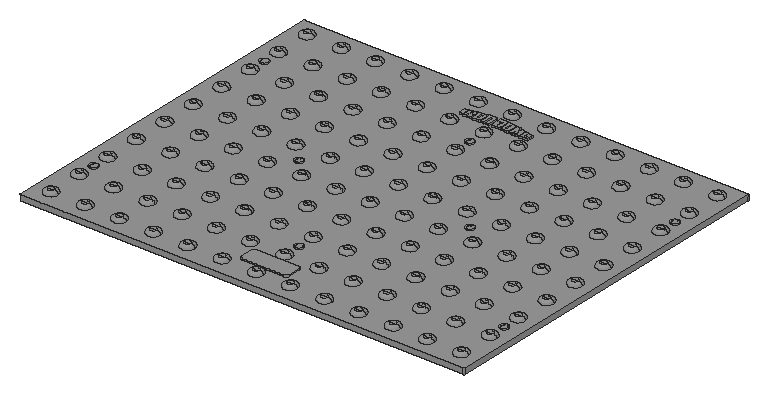
Revit family "Detectable-Warning-Surfaces_Cast-Iron-Dome-24x30_ADA-Solutions", category Generic Models, host Floor, Revit 2026 (continued)
Forms (in)
  Revolve 149, solid, material "ADA White" <- "Color"
    sketch origin (12.70371, 8.40233, -4.79798) x (1, 0, 0) y (0, 0, 1)
      loop
        line (1.14124, 5.37478) -> (0.89322, 5.37478)
        arc (0.89322, 5.37478) -> (0.75575, 5.31212) -> (0.68625, 5.17798) r 0.23136
        line (0.68625, 5.17798) -> (1.14124, 5.17798) -> (1.14124, 5.37478)
      axis (1.14124, 5.37478) -> (1.14124, 5.17798)
    angle from 0 to 360
  Revolve 150, solid, material "ADA White" <- "Color"
    sketch origin (10.39602, 8.40233, -4.79798) x (1, 0, 0) y (0, 0, 1)
      loop
        line (1.14124, 5.37478) -> (0.89322, 5.37478)
        arc (0.89322, 5.37478) -> (0.75575, 5.31212) -> (0.68625, 5.17798) r 0.23136
        line (0.68625, 5.17798) -> (1.14124, 5.17798) -> (1.14124, 5.37478)
      axis (1.14124, 5.37478) -> (1.14124, 5.17798)
    angle from 0 to 360
  Revolve 151, solid, material "ADA White" <- "Color"
    sketch origin (8.08832, 8.40233, -4.79798) x (1, 0, 0) y (0, 0, 1)
      loop
        line (1.14124, 5.37478) -> (0.89322, 5.37478)
        arc (0.89322, 5.37478) -> (0.75575, 5.31212) -> (0.68625, 5.17798) r 0.23136
        line (0.68625, 5.17798) -> (1.14124, 5.17798) -> (1.14124, 5.37478)
      axis (1.14124, 5.37478) -> (1.14124, 5.17798)
    angle from 0 to 360
  Revolve 152, solid, material "ADA White" <- "Color"
    sketch origin (5.78063, 8.40233, -4.79798) x (1, 0, 0) y (0, 0, 1)
      loop
        line (1.14124, 5.37478) -> (0.89322, 5.37478)
        arc (0.89322, 5.37478) -> (0.75575, 5.31212) -> (0.68625, 5.17798) r 0.23136
        line (0.68625, 5.17798) -> (1.14124, 5.17798) -> (1.14124, 5.37478)
      axis (1.14124, 5.37478) -> (1.14124, 5.17798)
    angle from 0 to 360
  Revolve 153, solid, material "ADA White" <- "Color"
    sketch origin (3.47294, 8.40233, -4.79798) x (1, 0, 0) y (0, 0, 1)
      loop
        line (1.14124, 5.37478) -> (0.89322, 5.37478)
        arc (0.89322, 5.37478) -> (0.75575, 5.31212) -> (0.68625, 5.17798) r 0.23136
        line (0.68625, 5.17798) -> (1.14124, 5.17798) -> (1.14124, 5.37478)
      axis (1.14124, 5.37478) -> (1.14124, 5.17798)
    angle from 0 to 360
  Revolve 154, solid, material "ADA White" <- "Color"
    sketch origin (1.16525, 8.40233, -4.79798) x (1, 0, 0) y (0, 0, 1)
      loop
        line (1.14124, 5.37478) -> (0.89322, 5.37478)
        arc (0.89322, 5.37478) -> (0.75575, 5.31212) -> (0.68625, 5.17798) r 0.23136
        line (0.68625, 5.17798) -> (1.14124, 5.17798) -> (1.14124, 5.37478)
      axis (1.14124, 5.37478) -> (1.14124, 5.17798)
    angle from 0 to 360
  Revolve 155, solid, material "ADA White" <- "Color"
    sketch origin (-1.14244, 8.40233, -4.79798) x (1, 0, 0) y (0, 0, 1)
      loop
        line (1.14124, 5.37478) -> (0.89322, 5.37478)
        arc (0.89322, 5.37478) -> (0.75575, 5.31212) -> (0.68625, 5.17798) r 0.23136
        line (0.68625, 5.17798) -> (1.14124, 5.17798) -> (1.14124, 5.37478)
      axis (1.14124, 5.37478) -> (1.14124, 5.17798)
    angle from 0 to 360
  Revolve 156, solid, material "ADA White" <- "Color"
    sketch origin (-3.45014, 8.40233, -4.79798) x (1, 0, 0) y (0, 0, 1)
      loop
        line (1.14124, 5.37478) -> (0.89322, 5.37478)
        arc (0.89322, 5.37478) -> (0.75575, 5.31212) -> (0.68625, 5.17798) r 0.23136
        line (0.68625, 5.17798) -> (1.14124, 5.17798) -> (1.14124, 5.37478)
      axis (1.14124, 5.37478) -> (1.14124, 5.17798)
    angle from 0 to 360
  Revolve 157, solid, material "ADA White" <- "Color"
    sketch origin (-5.75783, 8.40233, -4.79798) x (1, 0, 0) y (0, 0, 1)
      loop
        line (1.14124, 5.37478) -> (0.89322, 5.37478)
        arc (0.89322, 5.37478) -> (0.75575, 5.31212) -> (0.68625, 5.17798) r 0.23136
        line (0.68625, 5.17798) -> (1.14124, 5.17798) -> (1.14124, 5.37478)
      axis (1.14124, 5.37478) -> (1.14124, 5.17798)
    angle from 0 to 360
  Revolve 158, solid, material "ADA White" <- "Color"
    sketch origin (-8.06552, 8.40233, -4.79798) x (1, 0, 0) y (0, 0, 1)
      loop
        line (1.14124, 5.37478) -> (0.89322, 5.37478)
        arc (0.89322, 5.37478) -> (0.75575, 5.31212) -> (0.68625, 5.17798) r 0.23136
        line (0.68625, 5.17798) -> (1.14124, 5.17798) -> (1.14124, 5.37478)
      axis (1.14124, 5.37478) -> (1.14124, 5.17798)
    angle from 0 to 360
  Revolve 159, solid, material "ADA White" <- "Color"
    sketch origin (-10.37321, 8.40233, -4.79798) x (1, 0, 0) y (0, 0, 1)
      loop
        line (1.14124, 5.37478) -> (0.89322, 5.37478)
        arc (0.89322, 5.37478) -> (0.75575, 5.31212) -> (0.68625, 5.17798) r 0.23136
        line (0.68625, 5.17798) -> (1.14124, 5.17798) -> (1.14124, 5.37478)
      axis (1.14124, 5.37478) -> (1.14124, 5.17798)
    angle from 0 to 360
  Revolve 160, solid, material "ADA White" <- "Color"
    sketch origin (-12.68091, 8.40233, -4.79798) x (1, 0, 0) y (0, 0, 1)
      loop
        line (1.14124, 5.37478) -> (0.89322, 5.37478)
        arc (0.89322, 5.37478) -> (0.75575, 5.31212) -> (0.68625, 5.17798) r 0.23136
        line (0.68625, 5.17798) -> (1.14124, 5.17798) -> (1.14124, 5.37478)
      axis (1.14124, 5.37478) -> (1.14124, 5.17798)
    angle from 0 to 360
  Revolve 161, solid, material "ADA White" <- "Color"
    sketch origin (-14.9886, 8.40233, -4.79798) x (1, 0, 0) y (0, 0, 1)
      loop
        line (1.14124, 5.37478) -> (0.89322, 5.37478)
        arc (0.89322, 5.37478) -> (0.75575, 5.31212) -> (0.68625, 5.17798) r 0.23136
        line (0.68625, 5.17798) -> (1.14124, 5.17798) -> (1.14124, 5.37478)
      axis (1.14124, 5.37478) -> (1.14124, 5.17798)
    angle from 0 to 360
  Revolve 162, solid, material "ADA White" <- "Color"
    sketch origin (12.70371, 6.00233, -4.79798) x (1, 0, 0) y (0, 0, 1)
      loop
        line (1.14124, 5.37478) -> (0.89322, 5.37478)
        arc (0.89322, 5.37478) -> (0.75575, 5.31212) -> (0.68625, 5.17798) r 0.23136
        line (0.68625, 5.17798) -> (1.14124, 5.17798) -> (1.14124, 5.37478)
      axis (1.14124, 5.37478) -> (1.14124, 5.17798)
    angle from 0 to 360
  Revolve 163, solid, material "ADA White" <- "Color"
    sketch origin (10.39602, 6.00233, -4.79798) x (1, 0, 0) y (0, 0, 1)
      loop
        line (1.14124, 5.37478) -> (0.89322, 5.37478)
        arc (0.89322, 5.37478) -> (0.75575, 5.31212) -> (0.68625, 5.17798) r 0.23136
        line (0.68625, 5.17798) -> (1.14124, 5.17798) -> (1.14124, 5.37478)
      axis (1.14124, 5.37478) -> (1.14124, 5.17798)
    angle from 0 to 360
  Revolve 164, solid, material "ADA White" <- "Color"
    sketch origin (8.08832, 6.00233, -4.79798) x (1, 0, 0) y (0, 0, 1)
      loop
        line (1.14124, 5.37478) -> (0.89322, 5.37478)
        arc (0.89322, 5.37478) -> (0.75575, 5.31212) -> (0.68625, 5.17798) r 0.23136
        line (0.68625, 5.17798) -> (1.14124, 5.17798) -> (1.14124, 5.37478)
      axis (1.14124, 5.37478) -> (1.14124, 5.17798)
    angle from 0 to 360
  Revolve 165, solid, material "ADA White" <- "Color"
    sketch origin (5.78063, 6.00233, -4.79798) x (1, 0, 0) y (0, 0, 1)
      loop
        line (1.14124, 5.37478) -> (0.89322, 5.37478)
        arc (0.89322, 5.37478) -> (0.75575, 5.31212) -> (0.68625, 5.17798) r 0.23136
        line (0.68625, 5.17798) -> (1.14124, 5.17798) -> (1.14124, 5.37478)
      axis (1.14124, 5.37478) -> (1.14124, 5.17798)
    angle from 0 to 360
  Revolve 166, solid, material "ADA White" <- "Color"
    sketch origin (3.47294, 6.00233, -4.79798) x (1, 0, 0) y (0, 0, 1)
      loop
        line (1.14124, 5.37478) -> (0.89322, 5.37478)
        arc (0.89322, 5.37478) -> (0.75575, 5.31212) -> (0.68625, 5.17798) r 0.23136
        line (0.68625, 5.17798) -> (1.14124, 5.17798) -> (1.14124, 5.37478)
      axis (1.14124, 5.37478) -> (1.14124, 5.17798)
    angle from 0 to 360
  Revolve 167, solid, material "ADA White" <- "Color"
    sketch origin (1.16525, 6.00233, -4.79798) x (1, 0, 0) y (0, 0, 1)
      loop
        line (1.14124, 5.37478) -> (0.89322, 5.37478)
        arc (0.89322, 5.37478) -> (0.75575, 5.31212) -> (0.68625, 5.17798) r 0.23136
        line (0.68625, 5.17798) -> (1.14124, 5.17798) -> (1.14124, 5.37478)
      axis (1.14124, 5.37478) -> (1.14124, 5.17798)
    angle from 0 to 360
  Revolve 168, solid, material "ADA White" <- "Color"
    sketch origin (-1.14244, 6.00233, -4.79798) x (1, 0, 0) y (0, 0, 1)
      loop
        line (1.14124, 5.37478) -> (0.89322, 5.37478)
        arc (0.89322, 5.37478) -> (0.75575, 5.31212) -> (0.68625, 5.17798) r 0.23136
        line (0.68625, 5.17798) -> (1.14124, 5.17798) -> (1.14124, 5.37478)
      axis (1.14124, 5.37478) -> (1.14124, 5.17798)
    angle from 0 to 360
  Revolve 169, solid, material "ADA White" <- "Color"
    sketch origin (-3.45014, 6.00233, -4.79798) x (1, 0, 0) y (0, 0, 1)
      loop
        line (1.14124, 5.37478) -> (0.89322, 5.37478)
        arc (0.89322, 5.37478) -> (0.75575, 5.31212) -> (0.68625, 5.17798) r 0.23136
        line (0.68625, 5.17798) -> (1.14124, 5.17798) -> (1.14124, 5.37478)
      axis (1.14124, 5.37478) -> (1.14124, 5.17798)
    angle from 0 to 360
  Revolve 170, solid, material "ADA White" <- "Color"
    sketch origin (-5.75783, 6.00233, -4.79798) x (1, 0, 0) y (0, 0, 1)
      loop
        line (1.14124, 5.37478) -> (0.89322, 5.37478)
        arc (0.89322, 5.37478) -> (0.75575, 5.31212) -> (0.68625, 5.17798) r 0.23136
        line (0.68625, 5.17798) -> (1.14124, 5.17798) -> (1.14124, 5.37478)
      axis (1.14124, 5.37478) -> (1.14124, 5.17798)
    angle from 0 to 360
  Revolve 171, solid, material "ADA White" <- "Color"
    sketch origin (-8.06552, 6.00233, -4.79798) x (1, 0, 0) y (0, 0, 1)
      loop
        line (1.14124, 5.37478) -> (0.89322, 5.37478)
        arc (0.89322, 5.37478) -> (0.75575, 5.31212) -> (0.68625, 5.17798) r 0.23136
        line (0.68625, 5.17798) -> (1.14124, 5.17798) -> (1.14124, 5.37478)
      axis (1.14124, 5.37478) -> (1.14124, 5.17798)
    angle from 0 to 360
  Revolve 172, solid, material "ADA White" <- "Color"
    sketch origin (-10.37321, 6.00233, -4.79798) x (1, 0, 0) y (0, 0, 1)
      loop
        line (1.14124, 5.37478) -> (0.89322, 5.37478)
        arc (0.89322, 5.37478) -> (0.75575, 5.31212) -> (0.68625, 5.17798) r 0.23136
        line (0.68625, 5.17798) -> (1.14124, 5.17798) -> (1.14124, 5.37478)
      axis (1.14124, 5.37478) -> (1.14124, 5.17798)
    angle from 0 to 360
  Revolve 173, solid, material "ADA White" <- "Color"
    sketch origin (-12.68091, 6.00233, -4.79798) x (1, 0, 0) y (0, 0, 1)
      loop
        line (1.14124, 5.37478) -> (0.89322, 5.37478)
        arc (0.89322, 5.37478) -> (0.75575, 5.31212) -> (0.68625, 5.17798) r 0.23136
        line (0.68625, 5.17798) -> (1.14124, 5.17798) -> (1.14124, 5.37478)
      axis (1.14124, 5.37478) -> (1.14124, 5.17798)
    angle from 0 to 360
  Revolve 174, solid, material "ADA White" <- "Color"
    sketch origin (-14.9886, 6.00233, -4.79798) x (1, 0, 0) y (0, 0, 1)
      loop
        line (1.14124, 5.37478) -> (0.89322, 5.37478)
        arc (0.89322, 5.37478) -> (0.75575, 5.31212) -> (0.68625, 5.17798) r 0.23136
        line (0.68625, 5.17798) -> (1.14124, 5.17798) -> (1.14124, 5.37478)
      axis (1.14124, 5.37478) -> (1.14124, 5.17798)
    angle from 0 to 360
  Revolve 175, solid, material "ADA White" <- "Color"
    sketch origin (12.70371, 3.60233, -4.79798) x (1, 0, 0) y (0, 0, 1)
      loop
        line (1.14124, 5.37478) -> (0.89322, 5.37478)
        arc (0.89322, 5.37478) -> (0.75575, 5.31212) -> (0.68625, 5.17798) r 0.23136
        line (0.68625, 5.17798) -> (1.14124, 5.17798) -> (1.14124, 5.37478)
      axis (1.14124, 5.37478) -> (1.14124, 5.17798)
    angle from 0 to 360
  Revolve 176, solid, material "ADA White" <- "Color"
    sketch origin (10.39602, 3.60233, -4.79798) x (1, 0, 0) y (0, 0, 1)
      loop
        line (1.14124, 5.37478) -> (0.89322, 5.37478)
        arc (0.89322, 5.37478) -> (0.75575, 5.31212) -> (0.68625, 5.17798) r 0.23136
        line (0.68625, 5.17798) -> (1.14124, 5.17798) -> (1.14124, 5.37478)
      axis (1.14124, 5.37478) -> (1.14124, 5.17798)
    angle from 0 to 360
  Revolve 177, solid, material "ADA White" <- "Color"
    sketch origin (8.08832, 3.60233, -4.79798) x (1, 0, 0) y (0, 0, 1)
      loop
        line (1.14124, 5.37478) -> (0.89322, 5.37478)
        arc (0.89322, 5.37478) -> (0.75575, 5.31212) -> (0.68625, 5.17798) r 0.23136
        line (0.68625, 5.17798) -> (1.14124, 5.17798) -> (1.14124, 5.37478)
      axis (1.14124, 5.37478) -> (1.14124, 5.17798)
    angle from 0 to 360
  Revolve 178, solid, material "ADA White" <- "Color"
    sketch origin (5.78063, 3.60233, -4.79798) x (1, 0, 0) y (0, 0, 1)
      loop
        line (1.14124, 5.37478) -> (0.89322, 5.37478)
        arc (0.89322, 5.37478) -> (0.75575, 5.31212) -> (0.68625, 5.17798) r 0.23136
        line (0.68625, 5.17798) -> (1.14124, 5.17798) -> (1.14124, 5.37478)
      axis (1.14124, 5.37478) -> (1.14124, 5.17798)
    angle from 0 to 360
  Revolve 179, solid, material "ADA White" <- "Color"
    sketch origin (3.47294, 3.60233, -4.79798) x (1, 0, 0) y (0, 0, 1)
      loop
        line (1.14124, 5.37478) -> (0.89322, 5.37478)
        arc (0.89322, 5.37478) -> (0.75575, 5.31212) -> (0.68625, 5.17798) r 0.23136
        line (0.68625, 5.17798) -> (1.14124, 5.17798) -> (1.14124, 5.37478)
      axis (1.14124, 5.37478) -> (1.14124, 5.17798)
    angle from 0 to 360
  Revolve 180, solid, material "ADA White" <- "Color"
    sketch origin (1.16525, 3.60233, -4.79798) x (1, 0, 0) y (0, 0, 1)
      loop
        line (1.14124, 5.37478) -> (0.89322, 5.37478)
        arc (0.89322, 5.37478) -> (0.75575, 5.31212) -> (0.68625, 5.17798) r 0.23136
        line (0.68625, 5.17798) -> (1.14124, 5.17798) -> (1.14124, 5.37478)
      axis (1.14124, 5.37478) -> (1.14124, 5.17798)
    angle from 0 to 360
  Revolve 181, solid, material "ADA White" <- "Color"
    sketch origin (-1.14244, 3.60233, -4.79798) x (1, 0, 0) y (0, 0, 1)
      loop
        line (1.14124, 5.37478) -> (0.89322, 5.37478)
        arc (0.89322, 5.37478) -> (0.75575, 5.31212) -> (0.68625, 5.17798) r 0.23136
        line (0.68625, 5.17798) -> (1.14124, 5.17798) -> (1.14124, 5.37478)
      axis (1.14124, 5.37478) -> (1.14124, 5.17798)
    angle from 0 to 360
  Revolve 182, solid, material "ADA White" <- "Color"
    sketch origin (-3.45014, 3.60233, -4.79798) x (1, 0, 0) y (0, 0, 1)
      loop
        line (1.14124, 5.37478) -> (0.89322, 5.37478)
        arc (0.89322, 5.37478) -> (0.75575, 5.31212) -> (0.68625, 5.17798) r 0.23136
        line (0.68625, 5.17798) -> (1.14124, 5.17798) -> (1.14124, 5.37478)
      axis (1.14124, 5.37478) -> (1.14124, 5.17798)
    angle from 0 to 360
  Revolve 183, solid, material "ADA White" <- "Color"
    sketch origin (-5.75783, 3.60233, -4.79798) x (1, 0, 0) y (0, 0, 1)
      loop
        line (1.14124, 5.37478) -> (0.89322, 5.37478)
        arc (0.89322, 5.37478) -> (0.75575, 5.31212) -> (0.68625, 5.17798) r 0.23136
        line (0.68625, 5.17798) -> (1.14124, 5.17798) -> (1.14124, 5.37478)
      axis (1.14124, 5.37478) -> (1.14124, 5.17798)
    angle from 0 to 360
  Revolve 184, solid, material "ADA White" <- "Color"
    sketch origin (-8.06552, 3.60233, -4.79798) x (1, 0, 0) y (0, 0, 1)
      loop
        line (1.14124, 5.37478) -> (0.89322, 5.37478)
        arc (0.89322, 5.37478) -> (0.75575, 5.31212) -> (0.68625, 5.17798) r 0.23136
        line (0.68625, 5.17798) -> (1.14124, 5.17798) -> (1.14124, 5.37478)
      axis (1.14124, 5.37478) -> (1.14124, 5.17798)
    angle from 0 to 360
  Revolve 185, solid, material "ADA White" <- "Color"
    sketch origin (-10.37321, 3.60233, -4.79798) x (1, 0, 0) y (0, 0, 1)
      loop
        line (1.14124, 5.37478) -> (0.89322, 5.37478)
        arc (0.89322, 5.37478) -> (0.75575, 5.31212) -> (0.68625, 5.17798) r 0.23136
        line (0.68625, 5.17798) -> (1.14124, 5.17798) -> (1.14124, 5.37478)
      axis (1.14124, 5.37478) -> (1.14124, 5.17798)
    angle from 0 to 360
  Revolve 186, solid, material "ADA White" <- "Color"
    sketch origin (-12.68091, 3.60233, -4.79798) x (1, 0, 0) y (0, 0, 1)
      loop
        line (1.14124, 5.37478) -> (0.89322, 5.37478)
        arc (0.89322, 5.37478) -> (0.75575, 5.31212) -> (0.68625, 5.17798) r 0.23136
        line (0.68625, 5.17798) -> (1.14124, 5.17798) -> (1.14124, 5.37478)
      axis (1.14124, 5.37478) -> (1.14124, 5.17798)
    angle from 0 to 360
  Revolve 187, solid, material "ADA White" <- "Color"
    sketch origin (-14.9886, 3.60233, -4.79798) x (1, 0, 0) y (0, 0, 1)
      loop
        line (1.14124, 5.37478) -> (0.89322, 5.37478)
        arc (0.89322, 5.37478) -> (0.75575, 5.31212) -> (0.68625, 5.17798) r 0.23136
        line (0.68625, 5.17798) -> (1.14124, 5.17798) -> (1.14124, 5.37478)
      axis (1.14124, 5.37478) -> (1.14124, 5.17798)
    angle from 0 to 360
  Revolve 188, solid, material "ADA White" <- "Color"
    sketch origin (12.70371, 1.20233, -4.79798) x (1, 0, 0) y (0, 0, 1)
      loop
        line (1.14124, 5.37478) -> (0.89322, 5.37478)
        arc (0.89322, 5.37478) -> (0.75575, 5.31212) -> (0.68625, 5.17798) r 0.23136
        line (0.68625, 5.17798) -> (1.14124, 5.17798) -> (1.14124, 5.37478)
      axis (1.14124, 5.37478) -> (1.14124, 5.17798)
    angle from 0 to 360
  Revolve 189, solid, material "ADA White" <- "Color"
    sketch origin (10.39602, 1.20233, -4.79798) x (1, 0, 0) y (0, 0, 1)
      loop
        line (1.14124, 5.37478) -> (0.89322, 5.37478)
        arc (0.89322, 5.37478) -> (0.75575, 5.31212) -> (0.68625, 5.17798) r 0.23136
        line (0.68625, 5.17798) -> (1.14124, 5.17798) -> (1.14124, 5.37478)
      axis (1.14124, 5.37478) -> (1.14124, 5.17798)
    angle from 0 to 360
  Revolve 190, solid, material "ADA White" <- "Color"
    sketch origin (8.08832, 1.20233, -4.79798) x (1, 0, 0) y (0, 0, 1)
      loop
        line (1.14124, 5.37478) -> (0.89322, 5.37478)
        arc (0.89322, 5.37478) -> (0.75575, 5.31212) -> (0.68625, 5.17798) r 0.23136
        line (0.68625, 5.17798) -> (1.14124, 5.17798) -> (1.14124, 5.37478)
      axis (1.14124, 5.37478) -> (1.14124, 5.17798)
    angle from 0 to 360
  Revolve 191, solid, material "ADA White" <- "Color"
    sketch origin (5.78063, 1.20233, -4.79798) x (1, 0, 0) y (0, 0, 1)
      loop
        line (1.14124, 5.37478) -> (0.89322, 5.37478)
        arc (0.89322, 5.37478) -> (0.75575, 5.31212) -> (0.68625, 5.17798) r 0.23136
        line (0.68625, 5.17798) -> (1.14124, 5.17798) -> (1.14124, 5.37478)
      axis (1.14124, 5.37478) -> (1.14124, 5.17798)
    angle from 0 to 360
  Revolve 192, solid, material "ADA White" <- "Color"
    sketch origin (3.47294, 1.20233, -4.79798) x (1, 0, 0) y (0, 0, 1)
      loop
        line (1.14124, 5.37478) -> (0.89322, 5.37478)
        arc (0.89322, 5.37478) -> (0.75575, 5.31212) -> (0.68625, 5.17798) r 0.23136
        line (0.68625, 5.17798) -> (1.14124, 5.17798) -> (1.14124, 5.37478)
      axis (1.14124, 5.37478) -> (1.14124, 5.17798)
    angle from 0 to 360
  Revolve 193, solid, material "ADA White" <- "Color"
    sketch origin (1.16525, 1.20233, -4.79798) x (1, 0, 0) y (0, 0, 1)
      loop
        line (1.14124, 5.37478) -> (0.89322, 5.37478)
        arc (0.89322, 5.37478) -> (0.75575, 5.31212) -> (0.68625, 5.17798) r 0.23136
        line (0.68625, 5.17798) -> (1.14124, 5.17798) -> (1.14124, 5.37478)
      axis (1.14124, 5.37478) -> (1.14124, 5.17798)
    angle from 0 to 360
  Revolve 194, solid, material "ADA White" <- "Color"
    sketch origin (-1.14244, 1.20233, -4.79798) x (1, 0, 0) y (0, 0, 1)
      loop
        line (1.14124, 5.37478) -> (0.89322, 5.37478)
        arc (0.89322, 5.37478) -> (0.75575, 5.31212) -> (0.68625, 5.17798) r 0.23136
        line (0.68625, 5.17798) -> (1.14124, 5.17798) -> (1.14124, 5.37478)
      axis (1.14124, 5.37478) -> (1.14124, 5.17798)
    angle from 0 to 360
  Revolve 195, solid, material "ADA White" <- "Color"
    sketch origin (-3.45014, 1.20233, -4.79798) x (1, 0, 0) y (0, 0, 1)
      loop
        line (1.14124, 5.37478) -> (0.89322, 5.37478)
        arc (0.89322, 5.37478) -> (0.75575, 5.31212) -> (0.68625, 5.17798) r 0.23136
        line (0.68625, 5.17798) -> (1.14124, 5.17798) -> (1.14124, 5.37478)
      axis (1.14124, 5.37478) -> (1.14124, 5.17798)
    angle from 0 to 360
  Revolve 196, solid, material "ADA White" <- "Color"
    sketch origin (-5.75783, 1.20233, -4.79798) x (1, 0, 0) y (0, 0, 1)
      loop
        line (1.14124, 5.37478) -> (0.89322, 5.37478)
        arc (0.89322, 5.37478) -> (0.75575, 5.31212) -> (0.68625, 5.17798) r 0.23136
        line (0.68625, 5.17798) -> (1.14124, 5.17798) -> (1.14124, 5.37478)
      axis (1.14124, 5.37478) -> (1.14124, 5.17798)
    angle from 0 to 360
  Revolve 197, solid, material "ADA White" <- "Color"
    sketch origin (-8.06552, 1.20233, -4.79798) x (1, 0, 0) y (0, 0, 1)
      loop
        line (1.14124, 5.37478) -> (0.89322, 5.37478)
        arc (0.89322, 5.37478) -> (0.75575, 5.31212) -> (0.68625, 5.17798) r 0.23136
        line (0.68625, 5.17798) -> (1.14124, 5.17798) -> (1.14124, 5.37478)
      axis (1.14124, 5.37478) -> (1.14124, 5.17798)
    angle from 0 to 360
  Revolve 198, solid, material "ADA White" <- "Color"
    sketch origin (-10.37321, 1.20233, -4.79798) x (1, 0, 0) y (0, 0, 1)
      loop
        line (1.14124, 5.37478) -> (0.89322, 5.37478)
        arc (0.89322, 5.37478) -> (0.75575, 5.31212) -> (0.68625, 5.17798) r 0.23136
        line (0.68625, 5.17798) -> (1.14124, 5.17798) -> (1.14124, 5.37478)
      axis (1.14124, 5.37478) -> (1.14124, 5.17798)
    angle from 0 to 360
  Revolve 199, solid, material "ADA White" <- "Color"
    sketch origin (-12.68091, 1.20233, -4.79798) x (1, 0, 0) y (0, 0, 1)
      loop
        line (1.14124, 5.37478) -> (0.89322, 5.37478)
        arc (0.89322, 5.37478) -> (0.75575, 5.31212) -> (0.68625, 5.17798) r 0.23136
        line (0.68625, 5.17798) -> (1.14124, 5.17798) -> (1.14124, 5.37478)
      axis (1.14124, 5.37478) -> (1.14124, 5.17798)
    angle from 0 to 360
  Revolve 200, solid, material "ADA White" <- "Color"
    sketch origin (-14.9886, 1.20233, -4.79798) x (1, 0, 0) y (0, 0, 1)
      loop
        line (1.14124, 5.37478) -> (0.89322, 5.37478)
        arc (0.89322, 5.37478) -> (0.75575, 5.31212) -> (0.68625, 5.17798) r 0.23136
        line (0.68625, 5.17798) -> (1.14124, 5.17798) -> (1.14124, 5.37478)
      axis (1.14124, 5.37478) -> (1.14124, 5.17798)
    angle from 0 to 360
  Revolve 201, solid, material "ADA White" <- "Color"
    sketch origin (12.70371, -1.19767, -4.79798) x (1, 0, 0) y (0, 0, 1)
      loop
        line (1.14124, 5.37478) -> (0.89322, 5.37478)
        arc (0.89322, 5.37478) -> (0.75575, 5.31212) -> (0.68625, 5.17798) r 0.23136
        line (0.68625, 5.17798) -> (1.14124, 5.17798) -> (1.14124, 5.37478)
      axis (1.14124, 5.37478) -> (1.14124, 5.17798)
    angle from 0 to 360
  Revolve 202, solid, material "ADA White" <- "Color"
    sketch origin (10.39602, -1.19767, -4.79798) x (1, 0, 0) y (0, 0, 1)
      loop
        line (1.14124, 5.37478) -> (0.89322, 5.37478)
        arc (0.89322, 5.37478) -> (0.75575, 5.31212) -> (0.68625, 5.17798) r 0.23136
        line (0.68625, 5.17798) -> (1.14124, 5.17798) -> (1.14124, 5.37478)
      axis (1.14124, 5.37478) -> (1.14124, 5.17798)
    angle from 0 to 360
  Revolve 203, solid, material "ADA White" <- "Color"
    sketch origin (8.08832, -1.19767, -4.79798) x (1, 0, 0) y (0, 0, 1)
      loop
        line (1.14124, 5.37478) -> (0.89322, 5.37478)
        arc (0.89322, 5.37478) -> (0.75575, 5.31212) -> (0.68625, 5.17798) r 0.23136
        line (0.68625, 5.17798) -> (1.14124, 5.17798) -> (1.14124, 5.37478)
      axis (1.14124, 5.37478) -> (1.14124, 5.17798)
    angle from 0 to 360
  Revolve 204, solid, material "ADA White" <- "Color"
    sketch origin (5.78063, -1.19767, -4.79798) x (1, 0, 0) y (0, 0, 1)
      loop
        line (1.14124, 5.37478) -> (0.89322, 5.37478)
        arc (0.89322, 5.37478) -> (0.75575, 5.31212) -> (0.68625, 5.17798) r 0.23136
        line (0.68625, 5.17798) -> (1.14124, 5.17798) -> (1.14124, 5.37478)
      axis (1.14124, 5.37478) -> (1.14124, 5.17798)
    angle from 0 to 360
  Revolve 205, solid, material "ADA White" <- "Color"
    sketch origin (3.47294, -1.19767, -4.79798) x (1, 0, 0) y (0, 0, 1)
      loop
        line (1.14124, 5.37478) -> (0.89322, 5.37478)
        arc (0.89322, 5.37478) -> (0.75575, 5.31212) -> (0.68625, 5.17798) r 0.23136
        line (0.68625, 5.17798) -> (1.14124, 5.17798) -> (1.14124, 5.37478)
      axis (1.14124, 5.37478) -> (1.14124, 5.17798)
    angle from 0 to 360
  Revolve 206, solid, material "ADA White" <- "Color"
    sketch origin (1.16525, -1.19767, -4.79798) x (1, 0, 0) y (0, 0, 1)
      loop
        line (1.14124, 5.37478) -> (0.89322, 5.37478)
        arc (0.89322, 5.37478) -> (0.75575, 5.31212) -> (0.68625, 5.17798) r 0.23136
        line (0.68625, 5.17798) -> (1.14124, 5.17798) -> (1.14124, 5.37478)
      axis (1.14124, 5.37478) -> (1.14124, 5.17798)
    angle from 0 to 360
  Revolve 207, solid, material "ADA White" <- "Color"
    sketch origin (-1.14244, -1.19767, -4.79798) x (1, 0, 0) y (0, 0, 1)
      loop
        line (1.14124, 5.37478) -> (0.89322, 5.37478)
        arc (0.89322, 5.37478) -> (0.75575, 5.31212) -> (0.68625, 5.17798) r 0.23136
        line (0.68625, 5.17798) -> (1.14124, 5.17798) -> (1.14124, 5.37478)
      axis (1.14124, 5.37478) -> (1.14124, 5.17798)
    angle from 0 to 360
  Revolve 208, solid, material "ADA White" <- "Color"
    sketch origin (-3.45014, -1.19767, -4.79798) x (1, 0, 0) y (0, 0, 1)
      loop
        line (1.14124, 5.37478) -> (0.89322, 5.37478)
        arc (0.89322, 5.37478) -> (0.75575, 5.31212) -> (0.68625, 5.17798) r 0.23136
        line (0.68625, 5.17798) -> (1.14124, 5.17798) -> (1.14124, 5.37478)
      axis (1.14124, 5.37478) -> (1.14124, 5.17798)
    angle from 0 to 360
  Revolve 209, solid, material "ADA White" <- "Color"
    sketch origin (-5.75783, -1.19767, -4.79798) x (1, 0, 0) y (0, 0, 1)
      loop
        line (1.14124, 5.37478) -> (0.89322, 5.37478)
        arc (0.89322, 5.37478) -> (0.75575, 5.31212) -> (0.68625, 5.17798) r 0.23136
        line (0.68625, 5.17798) -> (1.14124, 5.17798) -> (1.14124, 5.37478)
      axis (1.14124, 5.37478) -> (1.14124, 5.17798)
    angle from 0 to 360
  Revolve 210, solid, material "ADA White" <- "Color"
    sketch origin (-8.06552, -1.19767, -4.79798) x (1, 0, 0) y (0, 0, 1)
      loop
        line (1.14124, 5.37478) -> (0.89322, 5.37478)
        arc (0.89322, 5.37478) -> (0.75575, 5.31212) -> (0.68625, 5.17798) r 0.23136
        line (0.68625, 5.17798) -> (1.14124, 5.17798) -> (1.14124, 5.37478)
      axis (1.14124, 5.37478) -> (1.14124, 5.17798)
    angle from 0 to 360
  Revolve 211, solid, material "ADA White" <- "Color"
    sketch origin (-10.37321, -1.19767, -4.79798) x (1, 0, 0) y (0, 0, 1)
      loop
        line (1.14124, 5.37478) -> (0.89322, 5.37478)
        arc (0.89322, 5.37478) -> (0.75575, 5.31212) -> (0.68625, 5.17798) r 0.23136
        line (0.68625, 5.17798) -> (1.14124, 5.17798) -> (1.14124, 5.37478)
      axis (1.14124, 5.37478) -> (1.14124, 5.17798)
    angle from 0 to 360
  Revolve 212, solid, material "ADA White" <- "Color"
    sketch origin (-12.68091, -1.19767, -4.79798) x (1, 0, 0) y (0, 0, 1)
      loop
        line (1.14124, 5.37478) -> (0.89322, 5.37478)
        arc (0.89322, 5.37478) -> (0.75575, 5.31212) -> (0.68625, 5.17798) r 0.23136
        line (0.68625, 5.17798) -> (1.14124, 5.17798) -> (1.14124, 5.37478)
      axis (1.14124, 5.37478) -> (1.14124, 5.17798)
    angle from 0 to 360
  Revolve 213, solid, material "ADA White" <- "Color"
    sketch origin (-14.9886, -1.19767, -4.79798) x (1, 0, 0) y (0, 0, 1)
      loop
        line (1.14124, 5.37478) -> (0.89322, 5.37478)
        arc (0.89322, 5.37478) -> (0.75575, 5.31212) -> (0.68625, 5.17798) r 0.23136
        line (0.68625, 5.17798) -> (1.14124, 5.17798) -> (1.14124, 5.37478)
      axis (1.14124, 5.37478) -> (1.14124, 5.17798)
    angle from 0 to 360
  Revolve 214, solid, material "ADA White" <- "Color"
    sketch origin (12.70371, -3.59767, -4.79798) x (1, 0, 0) y (0, 0, 1)
      loop
        line (1.14124, 5.37478) -> (0.89322, 5.37478)
        arc (0.89322, 5.37478) -> (0.75575, 5.31212) -> (0.68625, 5.17798) r 0.23136
        line (0.68625, 5.17798) -> (1.14124, 5.17798) -> (1.14124, 5.37478)
      axis (1.14124, 5.37478) -> (1.14124, 5.17798)
    angle from 0 to 360
  Revolve 215, solid, material "ADA White" <- "Color"
    sketch origin (10.39602, -3.59767, -4.79798) x (1, 0, 0) y (0, 0, 1)
      loop
        line (1.14124, 5.37478) -> (0.89322, 5.37478)
        arc (0.89322, 5.37478) -> (0.75575, 5.31212) -> (0.68625, 5.17798) r 0.23136
        line (0.68625, 5.17798) -> (1.14124, 5.17798) -> (1.14124, 5.37478)
      axis (1.14124, 5.37478) -> (1.14124, 5.17798)
    angle from 0 to 360
  Revolve 216, solid, material "ADA White" <- "Color"
    sketch origin (8.08832, -3.59767, -4.79798) x (1, 0, 0) y (0, 0, 1)
      loop
        line (1.14124, 5.37478) -> (0.89322, 5.37478)
        arc (0.89322, 5.37478) -> (0.75575, 5.31212) -> (0.68625, 5.17798) r 0.23136
        line (0.68625, 5.17798) -> (1.14124, 5.17798) -> (1.14124, 5.37478)
      axis (1.14124, 5.37478) -> (1.14124, 5.17798)
    angle from 0 to 360
  Revolve 217, solid, material "ADA White" <- "Color"
    sketch origin (5.78063, -3.59767, -4.79798) x (1, 0, 0) y (0, 0, 1)
      loop
        line (1.14124, 5.37478) -> (0.89322, 5.37478)
        arc (0.89322, 5.37478) -> (0.75575, 5.31212) -> (0.68625, 5.17798) r 0.23136
        line (0.68625, 5.17798) -> (1.14124, 5.17798) -> (1.14124, 5.37478)
      axis (1.14124, 5.37478) -> (1.14124, 5.17798)
    angle from 0 to 360
  Revolve 218, solid, material "ADA White" <- "Color"
    sketch origin (3.47294, -3.59767, -4.79798) x (1, 0, 0) y (0, 0, 1)
      loop
        line (1.14124, 5.37478) -> (0.89322, 5.37478)
        arc (0.89322, 5.37478) -> (0.75575, 5.31212) -> (0.68625, 5.17798) r 0.23136
        line (0.68625, 5.17798) -> (1.14124, 5.17798) -> (1.14124, 5.37478)
      axis (1.14124, 5.37478) -> (1.14124, 5.17798)
    angle from 0 to 360
  Revolve 219, solid, material "ADA White" <- "Color"
    sketch origin (1.16525, -3.59767, -4.79798) x (1, 0, 0) y (0, 0, 1)
      loop
        line (1.14124, 5.37478) -> (0.89322, 5.37478)
        arc (0.89322, 5.37478) -> (0.75575, 5.31212) -> (0.68625, 5.17798) r 0.23136
        line (0.68625, 5.17798) -> (1.14124, 5.17798) -> (1.14124, 5.37478)
      axis (1.14124, 5.37478) -> (1.14124, 5.17798)
    angle from 0 to 360
  Revolve 220, solid, material "ADA White" <- "Color"
    sketch origin (-1.14244, -3.59767, -4.79798) x (1, 0, 0) y (0, 0, 1)
      loop
        line (1.14124, 5.37478) -> (0.89322, 5.37478)
        arc (0.89322, 5.37478) -> (0.75575, 5.31212) -> (0.68625, 5.17798) r 0.23136
        line (0.68625, 5.17798) -> (1.14124, 5.17798) -> (1.14124, 5.37478)
      axis (1.14124, 5.37478) -> (1.14124, 5.17798)
    angle from 0 to 360
  Revolve 221, solid, material "ADA White" <- "Color"
    sketch origin (-3.45014, -3.59767, -4.79798) x (1, 0, 0) y (0, 0, 1)
      loop
        line (1.14124, 5.37478) -> (0.89322, 5.37478)
        arc (0.89322, 5.37478) -> (0.75575, 5.31212) -> (0.68625, 5.17798) r 0.23136
        line (0.68625, 5.17798) -> (1.14124, 5.17798) -> (1.14124, 5.37478)
      axis (1.14124, 5.37478) -> (1.14124, 5.17798)
    angle from 0 to 360
  Revolve 222, solid, material "ADA White" <- "Color"
    sketch origin (-5.75783, -3.59767, -4.79798) x (1, 0, 0) y (0, 0, 1)
      loop
        line (1.14124, 5.37478) -> (0.89322, 5.37478)
        arc (0.89322, 5.37478) -> (0.75575, 5.31212) -> (0.68625, 5.17798) r 0.23136
        line (0.68625, 5.17798) -> (1.14124, 5.17798) -> (1.14124, 5.37478)
      axis (1.14124, 5.37478) -> (1.14124, 5.17798)
    angle from 0 to 360
  Revolve 223, solid, material "ADA White" <- "Color"
    sketch origin (-8.06552, -3.59767, -4.79798) x (1, 0, 0) y (0, 0, 1)
      loop
        line (1.14124, 5.37478) -> (0.89322, 5.37478)
        arc (0.89322, 5.37478) -> (0.75575, 5.31212) -> (0.68625, 5.17798) r 0.23136
        line (0.68625, 5.17798) -> (1.14124, 5.17798) -> (1.14124, 5.37478)
      axis (1.14124, 5.37478) -> (1.14124, 5.17798)
    angle from 0 to 360
  Revolve 224, solid, material "ADA White" <- "Color"
    sketch origin (-10.37321, -3.59767, -4.79798) x (1, 0, 0) y (0, 0, 1)
      loop
        line (1.14124, 5.37478) -> (0.89322, 5.37478)
        arc (0.89322, 5.37478) -> (0.75575, 5.31212) -> (0.68625, 5.17798) r 0.23136
        line (0.68625, 5.17798) -> (1.14124, 5.17798) -> (1.14124, 5.37478)
      axis (1.14124, 5.37478) -> (1.14124, 5.17798)
    angle from 0 to 360
  Revolve 225, solid, material "ADA White" <- "Color"
    sketch origin (-12.68091, -3.59767, -4.79798) x (1, 0, 0) y (0, 0, 1)
      loop
        line (1.14124, 5.37478) -> (0.89322, 5.37478)
        arc (0.89322, 5.37478) -> (0.75575, 5.31212) -> (0.68625, 5.17798) r 0.23136
        line (0.68625, 5.17798) -> (1.14124, 5.17798) -> (1.14124, 5.37478)
      axis (1.14124, 5.37478) -> (1.14124, 5.17798)
    angle from 0 to 360
  Revolve 226, solid, material "ADA White" <- "Color"
    sketch origin (-14.9886, -3.59767, -4.79798) x (1, 0, 0) y (0, 0, 1)
      loop
        line (1.14124, 5.37478) -> (0.89322, 5.37478)
        arc (0.89322, 5.37478) -> (0.75575, 5.31212) -> (0.68625, 5.17798) r 0.23136
        line (0.68625, 5.17798) -> (1.14124, 5.17798) -> (1.14124, 5.37478)
      axis (1.14124, 5.37478) -> (1.14124, 5.17798)
    angle from 0 to 360
  Revolve 227, solid, material "ADA White" <- "Color"
    sketch origin (12.70371, -5.99767, -4.79798) x (1, 0, 0) y (0, 0, 1)
      loop
        line (1.14124, 5.37478) -> (0.89322, 5.37478)
        arc (0.89322, 5.37478) -> (0.75575, 5.31212) -> (0.68625, 5.17798) r 0.23136
        line (0.68625, 5.17798) -> (1.14124, 5.17798) -> (1.14124, 5.37478)
      axis (1.14124, 5.37478) -> (1.14124, 5.17798)
    angle from 0 to 360
  Revolve 228, solid, material "ADA White" <- "Color"
    sketch origin (10.39602, -5.99767, -4.79798) x (1, 0, 0) y (0, 0, 1)
      loop
        line (1.14124, 5.37478) -> (0.89322, 5.37478)
        arc (0.89322, 5.37478) -> (0.75575, 5.31212) -> (0.68625, 5.17798) r 0.23136
        line (0.68625, 5.17798) -> (1.14124, 5.17798) -> (1.14124, 5.37478)
      axis (1.14124, 5.37478) -> (1.14124, 5.17798)
    angle from 0 to 360
  Revolve 229, solid, material "ADA White" <- "Color"
    sketch origin (8.08832, -5.99767, -4.79798) x (1, 0, 0) y (0, 0, 1)
      loop
        line (1.14124, 5.37478) -> (0.89322, 5.37478)
        arc (0.89322, 5.37478) -> (0.75575, 5.31212) -> (0.68625, 5.17798) r 0.23136
        line (0.68625, 5.17798) -> (1.14124, 5.17798) -> (1.14124, 5.37478)
      axis (1.14124, 5.37478) -> (1.14124, 5.17798)
    angle from 0 to 360
  Revolve 230, solid, material "ADA White" <- "Color"
    sketch origin (5.78063, -5.99767, -4.79798) x (1, 0, 0) y (0, 0, 1)
      loop
        line (1.14124, 5.37478) -> (0.89322, 5.37478)
        arc (0.89322, 5.37478) -> (0.75575, 5.31212) -> (0.68625, 5.17798) r 0.23136
        line (0.68625, 5.17798) -> (1.14124, 5.17798) -> (1.14124, 5.37478)
      axis (1.14124, 5.37478) -> (1.14124, 5.17798)
    angle from 0 to 360
  Revolve 231, solid, material "ADA White" <- "Color"
    sketch origin (3.47294, -5.99767, -4.79798) x (1, 0, 0) y (0, 0, 1)
      loop
        line (1.14124, 5.37478) -> (0.89322, 5.37478)
        arc (0.89322, 5.37478) -> (0.75575, 5.31212) -> (0.68625, 5.17798) r 0.23136
        line (0.68625, 5.17798) -> (1.14124, 5.17798) -> (1.14124, 5.37478)
      axis (1.14124, 5.37478) -> (1.14124, 5.17798)
    angle from 0 to 360
  Revolve 232, solid, material "ADA White" <- "Color"
    sketch origin (1.16525, -5.99767, -4.79798) x (1, 0, 0) y (0, 0, 1)
      loop
        line (1.14124, 5.37478) -> (0.89322, 5.37478)
        arc (0.89322, 5.37478) -> (0.75575, 5.31212) -> (0.68625, 5.17798) r 0.23136
        line (0.68625, 5.17798) -> (1.14124, 5.17798) -> (1.14124, 5.37478)
      axis (1.14124, 5.37478) -> (1.14124, 5.17798)
    angle from 0 to 360
  Revolve 233, solid, material "ADA White" <- "Color"
    sketch origin (-1.14244, -5.99767, -4.79798) x (1, 0, 0) y (0, 0, 1)
      loop
        line (1.14124, 5.37478) -> (0.89322, 5.37478)
        arc (0.89322, 5.37478) -> (0.75575, 5.31212) -> (0.68625, 5.17798) r 0.23136
        line (0.68625, 5.17798) -> (1.14124, 5.17798) -> (1.14124, 5.37478)
      axis (1.14124, 5.37478) -> (1.14124, 5.17798)
    angle from 0 to 360
  Revolve 234, solid, material "ADA White" <- "Color"
    sketch origin (-3.45014, -5.99767, -4.79798) x (1, 0, 0) y (0, 0, 1)
      loop
        line (1.14124, 5.37478) -> (0.89322, 5.37478)
        arc (0.89322, 5.37478) -> (0.75575, 5.31212) -> (0.68625, 5.17798) r 0.23136
        line (0.68625, 5.17798) -> (1.14124, 5.17798) -> (1.14124, 5.37478)
      axis (1.14124, 5.37478) -> (1.14124, 5.17798)
    angle from 0 to 360
  Revolve 235, solid, material "ADA White" <- "Color"
    sketch origin (-5.75783, -5.99767, -4.79798) x (1, 0, 0) y (0, 0, 1)
      loop
        line (1.14124, 5.37478) -> (0.89322, 5.37478)
        arc (0.89322, 5.37478) -> (0.75575, 5.31212) -> (0.68625, 5.17798) r 0.23136
        line (0.68625, 5.17798) -> (1.14124, 5.17798) -> (1.14124, 5.37478)
      axis (1.14124, 5.37478) -> (1.14124, 5.17798)
    angle from 0 to 360
  Revolve 236, solid, material "ADA White" <- "Color"
    sketch origin (-8.06552, -5.99767, -4.79798) x (1, 0, 0) y (0, 0, 1)
      loop
        line (1.14124, 5.37478) -> (0.89322, 5.37478)
        arc (0.89322, 5.37478) -> (0.75575, 5.31212) -> (0.68625, 5.17798) r 0.23136
        line (0.68625, 5.17798) -> (1.14124, 5.17798) -> (1.14124, 5.37478)
      axis (1.14124, 5.37478) -> (1.14124, 5.17798)
    angle from 0 to 360
  Revolve 237, solid, material "ADA White" <- "Color"
    sketch origin (-10.37321, -5.99767, -4.79798) x (1, 0, 0) y (0, 0, 1)
      loop
        line (1.14124, 5.37478) -> (0.89322, 5.37478)
        arc (0.89322, 5.37478) -> (0.75575, 5.31212) -> (0.68625, 5.17798) r 0.23136
        line (0.68625, 5.17798) -> (1.14124, 5.17798) -> (1.14124, 5.37478)
      axis (1.14124, 5.37478) -> (1.14124, 5.17798)
    angle from 0 to 360
  Revolve 238, solid, material "ADA White" <- "Color"
    sketch origin (-12.68091, -5.99767, -4.79798) x (1, 0, 0) y (0, 0, 1)
      loop
        line (1.14124, 5.37478) -> (0.89322, 5.37478)
        arc (0.89322, 5.37478) -> (0.75575, 5.31212) -> (0.68625, 5.17798) r 0.23136
        line (0.68625, 5.17798) -> (1.14124, 5.17798) -> (1.14124, 5.37478)
      axis (1.14124, 5.37478) -> (1.14124, 5.17798)
    angle from 0 to 360
  Revolve 239, solid, material "ADA White" <- "Color"
    sketch origin (-14.9886, -5.99767, -4.79798) x (1, 0, 0) y (0, 0, 1)
      loop
        line (1.14124, 5.37478) -> (0.89322, 5.37478)
        arc (0.89322, 5.37478) -> (0.75575, 5.31212) -> (0.68625, 5.17798) r 0.23136
        line (0.68625, 5.17798) -> (1.14124, 5.17798) -> (1.14124, 5.37478)
      axis (1.14124, 5.37478) -> (1.14124, 5.17798)
    angle from 0 to 360
  Revolve 240, solid, material "ADA White" <- "Color"
    sketch origin (12.70371, -8.39767, -4.79798) x (1, 0, 0) y (0, 0, 1)
      loop
        line (1.14124, 5.37478) -> (0.89322, 5.37478)
        arc (0.89322, 5.37478) -> (0.75575, 5.31212) -> (0.68625, 5.17798) r 0.23136
        line (0.68625, 5.17798) -> (1.14124, 5.17798) -> (1.14124, 5.37478)
      axis (1.14124, 5.37478) -> (1.14124, 5.17798)
    angle from 0 to 360
  Revolve 241, solid, material "ADA White" <- "Color"
    sketch origin (10.39602, -8.39767, -4.79798) x (1, 0, 0) y (0, 0, 1)
      loop
        line (1.14124, 5.37478) -> (0.89322, 5.37478)
        arc (0.89322, 5.37478) -> (0.75575, 5.31212) -> (0.68625, 5.17798) r 0.23136
        line (0.68625, 5.17798) -> (1.14124, 5.17798) -> (1.14124, 5.37478)
      axis (1.14124, 5.37478) -> (1.14124, 5.17798)
    angle from 0 to 360
  Revolve 242, solid, material "ADA White" <- "Color"
    sketch origin (8.08832, -8.39767, -4.79798) x (1, 0, 0) y (0, 0, 1)
      loop
        line (1.14124, 5.37478) -> (0.89322, 5.37478)
        arc (0.89322, 5.37478) -> (0.75575, 5.31212) -> (0.68625, 5.17798) r 0.23136
        line (0.68625, 5.17798) -> (1.14124, 5.17798) -> (1.14124, 5.37478)
      axis (1.14124, 5.37478) -> (1.14124, 5.17798)
    angle from 0 to 360
  Revolve 243, solid, material "ADA White" <- "Color"
    sketch origin (5.78063, -8.39767, -4.79798) x (1, 0, 0) y (0, 0, 1)
      loop
        line (1.14124, 5.37478) -> (0.89322, 5.37478)
        arc (0.89322, 5.37478) -> (0.75575, 5.31212) -> (0.68625, 5.17798) r 0.23136
        line (0.68625, 5.17798) -> (1.14124, 5.17798) -> (1.14124, 5.37478)
      axis (1.14124, 5.37478) -> (1.14124, 5.17798)
    angle from 0 to 360
  Revolve 244, solid, material "ADA White" <- "Color"
    sketch origin (3.47294, -8.39767, -4.79798) x (1, 0, 0) y (0, 0, 1)
      loop
        line (1.14124, 5.37478) -> (0.89322, 5.37478)
        arc (0.89322, 5.37478) -> (0.75575, 5.31212) -> (0.68625, 5.17798) r 0.23136
        line (0.68625, 5.17798) -> (1.14124, 5.17798) -> (1.14124, 5.37478)
      axis (1.14124, 5.37478) -> (1.14124, 5.17798)
    angle from 0 to 360
  Revolve 245, solid, material "ADA White" <- "Color"
    sketch origin (1.16525, -8.39767, -4.79798) x (1, 0, 0) y (0, 0, 1)
      loop
        line (1.14124, 5.37478) -> (0.89322, 5.37478)
        arc (0.89322, 5.37478) -> (0.75575, 5.31212) -> (0.68625, 5.17798) r 0.23136
        line (0.68625, 5.17798) -> (1.14124, 5.17798) -> (1.14124, 5.37478)
      axis (1.14124, 5.37478) -> (1.14124, 5.17798)
    angle from 0 to 360
  Revolve 246, solid, material "ADA White" <- "Color"
    sketch origin (-1.14244, -8.39767, -4.79798) x (1, 0, 0) y (0, 0, 1)
      loop
        line (1.14124, 5.37478) -> (0.89322, 5.37478)
        arc (0.89322, 5.37478) -> (0.75575, 5.31212) -> (0.68625, 5.17798) r 0.23136
        line (0.68625, 5.17798) -> (1.14124, 5.17798) -> (1.14124, 5.37478)
      axis (1.14124, 5.37478) -> (1.14124, 5.17798)
    angle from 0 to 360
  Revolve 247, solid, material "ADA White" <- "Color"
    sketch origin (-3.45014, -8.39767, -4.79798) x (1, 0, 0) y (0, 0, 1)
      loop
        line (1.14124, 5.37478) -> (0.89322, 5.37478)
        arc (0.89322, 5.37478) -> (0.75575, 5.31212) -> (0.68625, 5.17798) r 0.23136
        line (0.68625, 5.17798) -> (1.14124, 5.17798) -> (1.14124, 5.37478)
      axis (1.14124, 5.37478) -> (1.14124, 5.17798)
    angle from 0 to 360
  Revolve 248, solid, material "ADA White" <- "Color"
    sketch origin (-5.75783, -8.39767, -4.79798) x (1, 0, 0) y (0, 0, 1)
      loop
        line (1.14124, 5.37478) -> (0.89322, 5.37478)
        arc (0.89322, 5.37478) -> (0.75575, 5.31212) -> (0.68625, 5.17798) r 0.23136
        line (0.68625, 5.17798) -> (1.14124, 5.17798) -> (1.14124, 5.37478)
      axis (1.14124, 5.37478) -> (1.14124, 5.17798)
    angle from 0 to 360
  Revolve 249, solid, material "ADA White" <- "Color"
    sketch origin (-8.06552, -8.39767, -4.79798) x (1, 0, 0) y (0, 0, 1)
      loop
        line (1.14124, 5.37478) -> (0.89322, 5.37478)
        arc (0.89322, 5.37478) -> (0.75575, 5.31212) -> (0.68625, 5.17798) r 0.23136
        line (0.68625, 5.17798) -> (1.14124, 5.17798) -> (1.14124, 5.37478)
      axis (1.14124, 5.37478) -> (1.14124, 5.17798)
    angle from 0 to 360
  Revolve 250, solid, material "ADA White" <- "Color"
    sketch origin (-10.37321, -8.39767, -4.79798) x (1, 0, 0) y (0, 0, 1)
      loop
        line (1.14124, 5.37478) -> (0.89322, 5.37478)
        arc (0.89322, 5.37478) -> (0.75575, 5.31212) -> (0.68625, 5.17798) r 0.23136
        line (0.68625, 5.17798) -> (1.14124, 5.17798) -> (1.14124, 5.37478)
      axis (1.14124, 5.37478) -> (1.14124, 5.17798)
    angle from 0 to 360
  Revolve 251, solid, material "ADA White" <- "Color"
    sketch origin (-12.68091, -8.39767, -4.79798) x (1, 0, 0) y (0, 0, 1)
      loop
        line (1.14124, 5.37478) -> (0.89322, 5.37478)
        arc (0.89322, 5.37478) -> (0.75575, 5.31212) -> (0.68625, 5.17798) r 0.23136
        line (0.68625, 5.17798) -> (1.14124, 5.17798) -> (1.14124, 5.37478)
      axis (1.14124, 5.37478) -> (1.14124, 5.17798)
    angle from 0 to 360
  Revolve 252, solid, material "ADA White" <- "Color"
    sketch origin (-14.9886, -8.39767, -4.79798) x (1, 0, 0) y (0, 0, 1)
      loop
        line (1.14124, 5.37478) -> (0.89322, 5.37478)
        arc (0.89322, 5.37478) -> (0.75575, 5.31212) -> (0.68625, 5.17798) r 0.23136
        line (0.68625, 5.17798) -> (1.14124, 5.17798) -> (1.14124, 5.37478)
      axis (1.14124, 5.37478) -> (1.14124, 5.17798)
    angle from 0 to 360
  Revolve 253, solid, material "ADA White" <- "Color"
    sketch origin (12.70371, -10.79767, -4.79798) x (1, 0, 0) y (0, 0, 1)
      loop
        line (1.14124, 5.37478) -> (0.89322, 5.37478)
        arc (0.89322, 5.37478) -> (0.75575, 5.31212) -> (0.68625, 5.17798) r 0.23136
        line (0.68625, 5.17798) -> (1.14124, 5.17798) -> (1.14124, 5.37478)
      axis (1.14124, 5.37478) -> (1.14124, 5.17798)
    angle from 0 to 360
  Revolve 254, solid, material "ADA White" <- "Color"
    sketch origin (10.39602, -10.79767, -4.79798) x (1, 0, 0) y (0, 0, 1)
      loop
        line (1.14124, 5.37478) -> (0.89322, 5.37478)
        arc (0.89322, 5.37478) -> (0.75575, 5.31212) -> (0.68625, 5.17798) r 0.23136
        line (0.68625, 5.17798) -> (1.14124, 5.17798) -> (1.14124, 5.37478)
      axis (1.14124, 5.37478) -> (1.14124, 5.17798)
    angle from 0 to 360
  Revolve 255, solid, material "ADA White" <- "Color"
    sketch origin (8.08832, -10.79767, -4.79798) x (1, 0, 0) y (0, 0, 1)
      loop
        line (1.14124, 5.37478) -> (0.89322, 5.37478)
        arc (0.89322, 5.37478) -> (0.75575, 5.31212) -> (0.68625, 5.17798) r 0.23136
        line (0.68625, 5.17798) -> (1.14124, 5.17798) -> (1.14124, 5.37478)
      axis (1.14124, 5.37478) -> (1.14124, 5.17798)
    angle from 0 to 360
  Revolve 256, solid, material "ADA White" <- "Color"
    sketch origin (5.78063, -10.79767, -4.79798) x (1, 0, 0) y (0, 0, 1)
      loop
        line (1.14124, 5.37478) -> (0.89322, 5.37478)
        arc (0.89322, 5.37478) -> (0.75575, 5.31212) -> (0.68625, 5.17798) r 0.23136
        line (0.68625, 5.17798) -> (1.14124, 5.17798) -> (1.14124, 5.37478)
      axis (1.14124, 5.37478) -> (1.14124, 5.17798)
    angle from 0 to 360
  Revolve 257, solid, material "ADA White" <- "Color"
    sketch origin (3.47294, -10.79767, -4.79798) x (1, 0, 0) y (0, 0, 1)
      loop
        line (1.14124, 5.37478) -> (0.89322, 5.37478)
        arc (0.89322, 5.37478) -> (0.75575, 5.31212) -> (0.68625, 5.17798) r 0.23136
        line (0.68625, 5.17798) -> (1.14124, 5.17798) -> (1.14124, 5.37478)
      axis (1.14124, 5.37478) -> (1.14124, 5.17798)
    angle from 0 to 360
  Revolve 258, solid, material "ADA White" <- "Color"
    sketch origin (1.16525, -10.79767, -4.79798) x (1, 0, 0) y (0, 0, 1)
      loop
        line (1.14124, 5.37478) -> (0.89322, 5.37478)
        arc (0.89322, 5.37478) -> (0.75575, 5.31212) -> (0.68625, 5.17798) r 0.23136
        line (0.68625, 5.17798) -> (1.14124, 5.17798) -> (1.14124, 5.37478)
      axis (1.14124, 5.37478) -> (1.14124, 5.17798)
    angle from 0 to 360
  Revolve 259, solid, material "ADA White" <- "Color"
    sketch origin (-1.14244, -10.79767, -4.79798) x (1, 0, 0) y (0, 0, 1)
      loop
        line (1.14124, 5.37478) -> (0.89322, 5.37478)
        arc (0.89322, 5.37478) -> (0.75575, 5.31212) -> (0.68625, 5.17798) r 0.23136
        line (0.68625, 5.17798) -> (1.14124, 5.17798) -> (1.14124, 5.37478)
      axis (1.14124, 5.37478) -> (1.14124, 5.17798)
    angle from 0 to 360
  Revolve 260, solid, material "ADA White" <- "Color"
    sketch origin (-3.45014, -10.79767, -4.79798) x (1, 0, 0) y (0, 0, 1)
      loop
        line (1.14124, 5.37478) -> (0.89322, 5.37478)
        arc (0.89322, 5.37478) -> (0.75575, 5.31212) -> (0.68625, 5.17798) r 0.23136
        line (0.68625, 5.17798) -> (1.14124, 5.17798) -> (1.14124, 5.37478)
      axis (1.14124, 5.37478) -> (1.14124, 5.17798)
    angle from 0 to 360
  Revolve 261, solid, material "ADA White" <- "Color"
    sketch origin (-5.75783, -10.79767, -4.79798) x (1, 0, 0) y (0, 0, 1)
      loop
        line (1.14124, 5.37478) -> (0.89322, 5.37478)
        arc (0.89322, 5.37478) -> (0.75575, 5.31212) -> (0.68625, 5.17798) r 0.23136
        line (0.68625, 5.17798) -> (1.14124, 5.17798) -> (1.14124, 5.37478)
      axis (1.14124, 5.37478) -> (1.14124, 5.17798)
    angle from 0 to 360
  Revolve 262, solid, material "ADA White" <- "Color"
    sketch origin (-8.06552, -10.79767, -4.79798) x (1, 0, 0) y (0, 0, 1)
      loop
        line (1.14124, 5.37478) -> (0.89322, 5.37478)
        arc (0.89322, 5.37478) -> (0.75575, 5.31212) -> (0.68625, 5.17798) r 0.23136
        line (0.68625, 5.17798) -> (1.14124, 5.17798) -> (1.14124, 5.37478)
      axis (1.14124, 5.37478) -> (1.14124, 5.17798)
    angle from 0 to 360
  Revolve 263, solid, material "ADA White" <- "Color"
    sketch origin (-10.37321, -10.79767, -4.79798) x (1, 0, 0) y (0, 0, 1)
      loop
        line (1.14124, 5.37478) -> (0.89322, 5.37478)
        arc (0.89322, 5.37478) -> (0.75575, 5.31212) -> (0.68625, 5.17798) r 0.23136
        line (0.68625, 5.17798) -> (1.14124, 5.17798) -> (1.14124, 5.37478)
      axis (1.14124, 5.37478) -> (1.14124, 5.17798)
    angle from 0 to 360
  Revolve 264, solid, material "ADA White" <- "Color"
    sketch origin (-12.68091, -10.79767, -4.79798) x (1, 0, 0) y (0, 0, 1)
      loop
        line (1.14124, 5.37478) -> (0.89322, 5.37478)
        arc (0.89322, 5.37478) -> (0.75575, 5.31212) -> (0.68625, 5.17798) r 0.23136
        line (0.68625, 5.17798) -> (1.14124, 5.17798) -> (1.14124, 5.37478)
      axis (1.14124, 5.37478) -> (1.14124, 5.17798)
    angle from 0 to 360
  Revolve 265, solid, material "ADA White" <- "Color"
    sketch origin (-14.9886, -10.79767, -4.79798) x (1, 0, 0) y (0, 0, 1)
      loop
        line (1.14124, 5.37478) -> (0.89322, 5.37478)
        arc (0.89322, 5.37478) -> (0.75575, 5.31212) -> (0.68625, 5.17798) r 0.23136
        line (0.68625, 5.17798) -> (1.14124, 5.17798) -> (1.14124, 5.37478)
      axis (1.14124, 5.37478) -> (1.14124, 5.17798)
    angle from 0 to 360
Dimensions and locks (in)
  equal spacing: host sketch curve, plane 1 "Center (Front/Back)", host sketch curve
  equal spacing: host sketch curve, plane 3 "Center (Left/Right)", host sketch curve
  host sketch curve to host sketch curve = 120"  (x2)
  equal spacing: plane 5, plane 1 "Center (Front/Back)", plane 4
  "Width": plane 5 to plane 4
  equal spacing: plane 7, plane 3 "Center (Left/Right)", plane 6
  plane 7 to plane 6 = 30"
  aligned and locked: level to plane 2
  aligned and locked: plane 4 to Extrusion 1 sketch curve
  aligned and locked: Extrusion 1 sketch curve to plane 7
  aligned and locked: Extrusion 1 sketch curve to plane 6
  aligned and locked: Extrusion 1 sketch curve to plane 5
Automatic sketch dimensions
  plane 1 "Center (Front/Back)" to Extrusion 1 sketch curve = 0"  (x2)
  Extrusion 1 sketch curve to plane 3 "Center (Left/Right)" = 0"  (x2)
  plane 4 to Extrusion 1 sketch curve = 0.08966"  (x2)
  Extrusion 1 sketch curve to plane 7 = 0.08966"
  Extrusion 1 sketch curve to plane 7 = 1.15038"  (x2)
  Extrusion 1 sketch curve to plane 3 "Center (Left/Right)" = 5.76923"
  plane 3 "Center (Left/Right)" to Extrusion 1 sketch curve = 5.76923"
  plane 6 to Extrusion 1 sketch curve = 1.15038"  (x2)
  plane 6 to Extrusion 1 sketch curve = 0.08966"
  Extrusion 1 sketch curve to plane 5 = 4.8"  (x3)
  plane 4 to Extrusion 1 sketch curve = 4.8"  (x3)
  Extrusion 2 sketch curve to Extrusion 1 = 2.37129"  (x2)
  Extrusion 2 sketch curve to Extrusion 1 = 12.70817"
  Extrusion 2 sketch curve to Extrusion 2 sketch curve = 0.21534"
  Extrusion 2 sketch curve to Extrusion 2 sketch curve = 0.0342"
  Extrusion 2 sketch curve to Extrusion 2 sketch curve = 0.14136"
  Extrusion 2 sketch curve to Extrusion 1 = 2.3993"
  Extrusion 2 sketch curve to Extrusion 2 sketch curve = 0.09192"
  Extrusion 2 sketch curve to Extrusion 2 sketch curve = 0.23384"  (x2)
  Extrusion 2 sketch curve to Extrusion 1 = 2.48748"
  Extrusion 2 sketch curve to Extrusion 2 sketch curve = 0.00137"
  Extrusion 2 sketch curve to Extrusion 2 sketch curve = 0.03169"
  Extrusion 2 sketch curve to Extrusion 1 = 2.48381"
  Extrusion 2 sketch curve to Extrusion 2 sketch curve = 0.03401"
  Extrusion 2 sketch curve to Extrusion 2 sketch curve = 0.0044"
  Extrusion 2 sketch curve to Extrusion 1 = 2.38826"
  Extrusion 2 sketch curve to Extrusion 2 sketch curve = 0.03212"
  Extrusion 2 sketch curve to Extrusion 2 sketch curve = 0.06974"
  Extrusion 2 sketch curve to Extrusion 1 = 2.8"
  Extrusion 2 sketch curve to Extrusion 1 = 13.405"
  Extrusion 2 sketch curve to Extrusion 2 sketch curve = 0.16565"
  Extrusion 2 sketch curve to Extrusion 1 = 2.17755"
  Extrusion 2 sketch curve to Extrusion 2 sketch curve = 0.00404"
  Extrusion 2 sketch curve to Extrusion 1 = 2.59394"
  Extrusion 2 sketch curve to Extrusion 2 sketch curve = 0.22436"
  Extrusion 2 sketch curve to Extrusion 2 sketch curve = 0.12108"
  Extrusion 2 sketch curve to Extrusion 2 sketch curve = 0.01106"
  Extrusion 2 sketch curve to Extrusion 2 sketch curve = 0.19"  (x3)
  Extrusion 2 sketch curve to Extrusion 1 = 2.13744"
  Extrusion 2 sketch curve to Extrusion 2 sketch curve = 0.08031"
  Extrusion 2 sketch curve to Extrusion 2 sketch curve = 0.07958"
  Extrusion 2 sketch curve to Extrusion 2 sketch curve = 0.07742"
  Extrusion 2 sketch curve to Extrusion 1 = 2.30889"
  Extrusion 2 sketch curve to Extrusion 2 sketch curve = 0.14508"
  Extrusion 2 sketch curve to Extrusion 1 = 2.58767"
  Extrusion 2 sketch curve to Extrusion 2 sketch curve = 0.06183"
  Extrusion 2 sketch curve to Extrusion 2 sketch curve = 0.058"
  Extrusion 2 sketch curve to Extrusion 2 sketch curve = 0.07103"
  Extrusion 2 sketch curve to Extrusion 1 = 2.29737"
  Extrusion 2 sketch curve to Extrusion 2 sketch curve = 0.04201"
  Extrusion 2 sketch curve to Extrusion 1 = 2.58613"
  Extrusion 2 sketch curve to Extrusion 2 sketch curve = 0.02412"
  Extrusion 2 sketch curve to Extrusion 1 = 2.07335"
  Extrusion 2 sketch curve to Extrusion 2 sketch curve = 0.12745"
  Extrusion 2 sketch curve to Extrusion 2 sketch curve = 0.15144"
  Extrusion 2 sketch curve to Extrusion 2 sketch curve = 0.08507"
  Extrusion 2 sketch curve to Extrusion 1 = 2.05204"
  Extrusion 2 sketch curve to Extrusion 2 sketch curve = 0.10919"
  Extrusion 2 sketch curve to Extrusion 1 = 2.7911"  (x2)
  Extrusion 2 sketch curve to Extrusion 2 sketch curve = 0.11429"
  Extrusion 2 sketch curve to Extrusion 1 = 2.25954"
  Extrusion 2 sketch curve to Extrusion 2 sketch curve = 0.25792"
  Extrusion 2 sketch curve to Extrusion 1 = 2.25389"
  Extrusion 2 sketch curve to Extrusion 2 sketch curve = 0.10191"
  Extrusion 2 sketch curve to Extrusion 2 sketch curve = 0.10119"
  Extrusion 2 sketch curve to Extrusion 2 sketch curve = 0.02323"
  Extrusion 2 sketch curve to Extrusion 1 = 2.02116"
